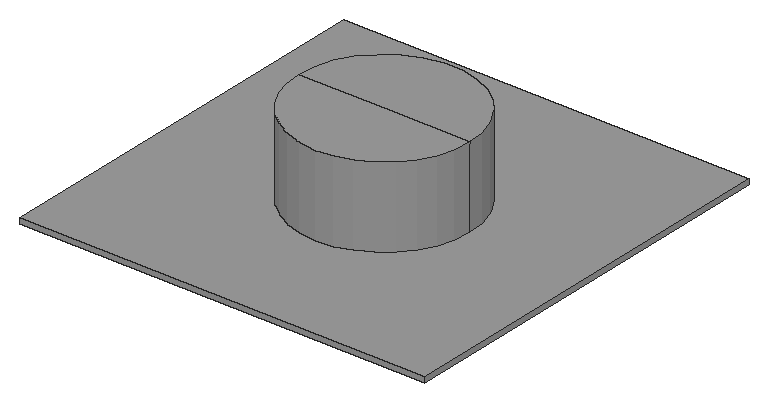
Revit family "ac243cab-91d6-492a-b545-a1d8a013f722", category Generic Models, Revit 2012
Parameters (values of type "As Specified")
  Unit Width = 0' - 5"
  Unit Height = 0' - 1"
  Unit Depth = 0' - 5"
  URL = "http://www.hyload.com/"
  Thickness = 0' - 0 1/16"
  Specification = "http://www.arcat.com/sdspecs/htm04/07_65_00hyl.htm"
  Sales Information = "http://www.hyload.com/contact-us"
  Revision = "R1_12-2015"
  Product Properties = "http://www.hyload.com/masonry-flashing/preformed-shapes/"
  Product Data = "http://www.arcat.com/arcatcos/cos33/arc33176.html"
  Model = "Nut Cover"
  Manufacturer Website = "http://www.hyload.com/"
  Manufacturer Phone - Toll Free = "800-457-4056"
  Manufacturer Phone = "330-769-3546"
  Manufacturer Fax = "330-769-4153"
  Manufacturer Address = "5020 Panther Pkwy., Seville, OH 44273"
  Manufacturer = "Hyload"
  Keynote = "07 65 00"
  Hole Radius = 0' - 1"
  Flashing Material = Hyload Flashing Membrane - Grey
  Drawn By = "Robert S. Weygant / Sumex Design"
  Description = "Preformed Hyload Masonry Flashing - Nut Cover"
  Copyright = "(c) ARCAT, Inc, 2015"
  Construction Details = "http://www.arcat.com/details/hyload/hyload.html?coid=33176"
  Assembly Code = "B3010400"
Reference planes (in)
  plane 1 "Center (Front/Back)": y = 0
  plane 2: z = 0
  plane 3 "Center (Left/Right)": x = 0
  plane 4: y = 2.5
  plane 5: x = 2.5
  plane 6: z = 1
  plane 7: x = -2.5
  plane 8: y = -2.5
Forms (in)
  Extrusion 1, solid, material "Hyload Flashing Membrane - Grey" <- "Flashing Material"
    sketch origin (0, 0, 0) x (1, 0, 0) y (0, 1, 0)
      loop
        line (-2.5, 2.5) -> (-2.5, -2.5) -> (2.5, -2.5) -> (2.5, 2.5) -> (-2.5, 2.5)
      loop
        circle (0, 0) r 1
    from 0 to 0.0625 <- "Thickness"
  Revolve 2, solid, material "Hyload Flashing Membrane - Grey" <- "Flashing Material"
    sketch origin (0, 0, 0) x (1, 0, 0) y (0, 0, 1)
      loop
        line (0, 1) -> (0, 1.0625) -> (-1.0625, 1.0625) -> (-1.0625, 0.0625) -> (-1, 0.0625) -> (-1, 1) -> (0, 1)
      axis (0, 1.0625) -> (0, 0.0625)
    angle from 0 to 360
Dimensions and locks (in)
  "Unit Height": plane 6 to level
  equal spacing: plane 7, plane 3 "Center (Left/Right)", plane 5
  equal spacing: plane 4, plane 1 "Center (Front/Back)", plane 8
  "Unit Width": plane 7 to plane 5
  "Unit Depth": plane 4 to plane 8
  "Hole Radius": plane 3 "Center (Left/Right)" to Revolve 2 sketch curve
  "Thickness": Revolve 2 sketch curve to plane 6
  "Thickness": Revolve 2 sketch curve to Revolve 2 sketch curve
  "Hole Radius": radius of Extrusion 1 sketch curve
  aligned and locked: plane 2 to level
  aligned and locked: Extrusion 1 sketch curve to plane 4
  aligned and locked: Extrusion 1 sketch curve to plane 5
  aligned and locked: plane 8 to Extrusion 1 sketch curve
  aligned and locked: plane 7 to Extrusion 1 sketch curve
  aligned and locked: plane 1 "Center (Front/Back)" to Extrusion 1 sketch curve
  aligned and locked: plane 3 "Center (Left/Right)" to Extrusion 1 sketch curve
  aligned and locked: Revolve 2 sketch curve to plane 3 "Center (Left/Right)"  (x2)
  aligned and locked: plane 6 to Revolve 2 sketch curve
  aligned and locked: Extrusion 1 to Revolve 2 sketch curve
Automatic sketch dimensions
  Revolve 2 sketch curve to level = 2' - 0"
  Revolve 2 sketch curve to Revolve 2 sketch curve = 8' - 5.65632"
